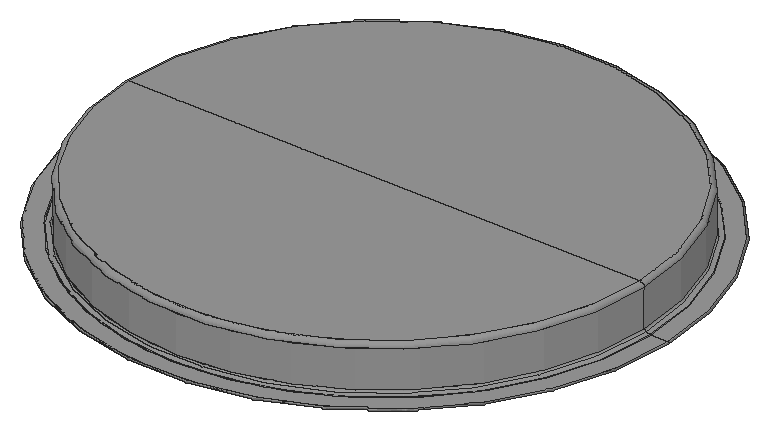
Revit family "MIA13_63_UN_Downlighter_ETK", category Lighting Fixtures, Revit 2017 (continued)
Definition of nested family "MIA.13 - Lightsource"
  Types (8, lengths in mm): name | Wattage | built-in parameter 1150134 | Photometric Web File | built-in parameter 1150142 | built-in parameter 1150105 | Lumens | built-in parameter 1150107 | built-in parameter 1150106
      6765 \r\n154.0902 148.9101 143.8315 138.9796 134.5183 130.0492 \r\n124.666 118.9624 113.2042 107.3834 101.5314 95.8903 90.9915 \r\n86.1005 80.9829 75.67 70.3414 64.966 59.575 54.1761 48.7694 \r\n43.3784 38.1358 33.4948 28.8538 24.1113 19.3062 14.6105 \r\n10.4461 6.6411 3.7425 2.8987 2.8362 2.7737 \r\n345.652 346.9724 346.7615 346.0974 344.9019 343.48 342.5268 \r\n342.2064 342.0111 341.9095 341.9408 341.972 340.9251 \r\n339.6828 338.0186 335.7997 333.2839 331.0337 329.3226 \r\n327.674 326.3927 325.502 324.5332 322.7283 320.6813 318.228 \r\n315.2434 312.0009 308.8601 305.9536 303.0471 300.6719 \r\n298.5389 296.3357 293.7495 290.9993 288.0381 284.7644 \r\n281.3267 277.6076 273.2479 268.8804 265.2082 261.7626 \r\n258.4733 255.4184 252.5041 249.1757 244.9879 240.6204 \r\n235.9637 230.8227 225.6895 221.1032 216.6966 212.5166 \r\n208.6726 205.0473 201.1642 196.3982 191.64 186.5146 \r\n181.1313 175.7481 170.6618 165.7083 160.8094 155.9809 \r\n151.1759 146.2614 140.972 135.6825 130.4321 125.1973 \r\n119.8844 114.2746 108.4772 102.7971 97.3826 92.0775 86.8896 \r\n82.0298 77.1779 71.8181 66.2317 60.661 55.2153 49.8789 \r\n44.5504 39.2531 33.9636 29.0882 24.6894 20.361 15.8684 \r\n11.2978 6.7193 2.133 0 0 0 \r\n345.652 344.9176 345.3629 345.9489 346.1286 345.8005 \r\n345.1988 344.23 342.5971 340.9876 339.6359 338.4874 \r\n337.4326 336.9873 336.7138 336.0966 335.0496 333.737 \r\n332.0416 329.5336 327.0255 324.2831 321.4626 318.9312 \r\n317.2748 316.0091 314.5011 312.626 310.5633 308.1256 \r\n304.977 301.8361 298.1014 294.1949 290.6399 287.7569 \r\n285.2567 282.7018 279.9984 277.2404 274.0761 270.3649 \r\n266.6536 262.6533 258.5749 254.4183 250.1602 245.8395 \r\n241.6986 238.1124 234.5261 230.8462 227.1115 223.244 \r\n218.6733 213.7667 208.7116 203.4143 198.0389 192.9057 \r\n188.4757 184.0534 179.8891 175.8497 171.5681 166.5208 \r\n160.9501 155.3168 149.5351 143.7612 138.3233 133.6354 \r\n128.9554 123.8612 118.5874 113.2042 107.6412 101.9533 \r\n96.3825 91.2649 86.1786 80.811 75.1543 69.4664 64.1066 \r\n58.9265 53.7229 48.4804 43.2299 38.0577 33.3229 28.5882 \r\n23.7284 18.7827 13.923 9.8133 6.2505 3.4846 2.5627 2.594 \r\n2.6252 \r\n345.652 346.4568 346.5193 346.488 346.1442 345.2848 \r\n344.1519 342.9018 341.4329 340.0188 339.1671 338.9874 \r\n338.7843 338.2374 337.5889 336.5732 335.034 333.2057 \r\n331.1977 328.7288 326.2521 324.0722 322.0408 320.1031 \r\n318.5327 317.1185 315.4778 313.462 311.2353 308.6647 \r\n305.2348 301.797 298.2811 294.7262 291.4681 288.9132 \r\n286.7958 284.4363 281.5845 278.5686 275.209 271.1852 \r\n267.1693 262.708 258.0827 253.7855 250.082 246.8005 \r\n243.4409 239.8312 236.2138 232.1041 227.5803 223.0096 \r\n218.5796 214.2199 209.6648 204.7582 199.6406 194.6558 \r\n190.2649 185.8661 181.6001 177.4045 173.0682 168.0444 \r\n162.5518 156.981 151.2384 145.4411 139.7765 134.5808 \r\n129.3851 124.4785 119.7359 114.8605 109.5945 103.9847 \r\n98.3202 92.4838 86.6005 81.1079 76.1544 71.2712 66.177 \r\n60.9657 55.7387 50.4727 45.1832 39.9641 35.3153 30.6743 \r\n25.838 20.8141 15.7903 11.4384 7.6022 3.7659 0 0 0 \r\n345.652 344.3941 343.5112 342.683 342.5346 342.9409 \r\n343.4409 343.6206 343.4018 343.0815 341.9017 340.4485 \r\n338.7765 336.6591 334.4324 332.8698 331.9322 331.0649 \r\n330.1195 329.0726 328.0334 326.0723 324.0409 321.6736 \r\n318.8999 315.9544 313.1104 310.3758 307.7506 305.5395 \r\n303.719 301.8283 299.1171 296.3044 293.2651 289.9914 \r\n286.5771 282.8893 278.7718 274.7402 271.3415 268.31 \r\n265.3098 262.4111 259.5437 256.1059 252.0353 247.6912 \r\n243.1206 238.1592 233.1979 229.1507 225.3223 221.4939 \r\n217.6108 213.7198 209.4773 204.766 199.9297 194.8824 \r\n189.5304 184.1785 179.4125 174.7637 170.0914 165.3879 \r\n160.661 155.7934 150.629 145.4723 140.4016 135.4246 \r\n130.3774 124.6113 118.6421 112.876 107.3756 102.0314 \r\n96.8904 92.2181 87.5459 82.233 76.6388 71.0134 65.4192 \r\n59.8484 54.3792 49.082 43.8941 38.9249 34.4558 29.9867 \r\n25.1113 20.0953 15.2746 10.9149 6.8521 3.8362 3.0393 2.6096 \r\n2.1799 \r\n345.652 343.1909 343.1362 343.4175 343.8941 344.4488 \r\n344.6363 344.2456 343.5503 342.5033 340.6047 338.6983 \r\n337.167 335.7762 334.6277 333.9792 333.6354 332.9557 \r\n331.5493 329.9555 327.9787 325.3379 322.7049 320.0719 \r\n317.4389 315.0559 313.1182 311.4775 309.7195 307.5553 \r\n305.391 302.8127 299.9062 296.9138 293.1948 289.1085 \r\n285.3504 282.1627 279.3187 276.4591 273.537 270.6227 \r\n267.3725 263.9269 260.2703 255.9575 251.1915 246.5896 \r\n242.3392 238.2452 234.3621 231.1118 227.8616 223.9237 \r\n219.6422 215.1106 210.1883 204.9301 199.7969 195.1168 \r\n190.5149 185.9833 181.5454 177.1232 172.3728 167.435 \r\n162.3486 156.981 151.379 145.8551 140.886 135.9169 130.7915 \r\n125.5332 120.2438 114.9777 109.7117 104.5316 99.5312 \r\n94.6246 89.6008 83.8034 77.9983 72.4353 67.0365 61.7939 \r\n56.981 52.5822 48.0506 42.9877 37.7451 32.5338 27.4162 \r\n22.3142 17.4936 12.8682 8.2897 3.7112 0 0 0 \r\n345.652 345.9255 345.8239 345.6676 345.1129 343.9878 \r\n342.5736 341.2767 340.2297 339.2531 338.7999 338.8624 \r\n338.8468 338.0498 337.0263 335.6903 333.948 331.9869 \r\n329.807 327.1506 324.4863 322.8143 321.5564 320.2985 \r\n318.8452 317.3139 315.3528 312.7588 309.8914 306.7271 \r\n302.9534 299.1796 296.281 293.6636 291.1946 288.9054 \r\n286.7255 284.1472 280.7485 277.1779 273.2479 268.7632 \r\n264.2785 260.4735 256.8873 253.4104 250.0977 246.8865 \r\n243.4565 239.2999 235.1356 230.8852 226.5646 222.1814 \r\n217.3607 212.3291 207.5162 203.094 198.9452 195.1715 \r\n192.7104 190.2571 187.8037 185.3426 180.6704 172.7869 \r\n163.2315 155.1449 149.9805 144.8238 139.8078 134.909 \r\n130.0102 125.1582 120.3219 115.1809 109.6258 103.8831 \r\n98.203 92.6791 87.1552 82.2408 77.592 72.8885 67.8491 \r\n62.6533 57.4029 52.0822 46.7458 41.4876 36.3935 31.2993 \r\n26.8068 22.533 18.3217 14.173 10.0555 6.7583 5.1801 3.8597 \r\n2.5393 \r\n345.652 345.8395 345.402 344.816 343.7925 342.5502 341.6048 \r\n341.1204 340.8782 340.6516 340.4641 340.2766 339.4718 \r\n338.3936 337.1045 335.3465 333.276 331.1821 329.057 326.963 \r\n325.2207 324.2597 323.2987 321.8689 320.2438 318.2983 \r\n315.7512 312.751 309.6414 306.1411 302.6174 299.8516 \r\n297.8592 295.9528 293.6323 291.1009 288.3038 285.0223 \r\n281.397 277.6467 273.287 268.9194 265.091 261.6298 258.278 \r\n255.059 251.9337 248.5897 244.7222 240.6047 236.4482 \r\n232.1197 227.7912 223.0956 218.1733 213.3135 208.8054 \r\n204.6332 200.4922 196.4997 192.5385 188.1788 183.1706 \r\n178.0764 172.6307 166.974 161.497 156.52 151.9962 147.449 \r\n142.6361 137.8155 132.7526 127.4396 122.0642 116.4857 \r\n110.7274 105.1488 100.0156 95.2184 90.4055 85.3739 80.3344 \r\n75.1856 69.9273 64.7004 59.8015 55.2465 50.6055 45.6129 \r\n40.4485 35.3856 30.6508 25.9552 21.6736 17.7123 13.8448 \r\n9.9773 6.1099 2.2424 0 \r\n345.652 342.644 342.5815 342.894 343.2456 343.6362 343.8862 \r\n343.6675 342.894 342.0267 340.4172 338.6436 336.9326 \r\n335.3543 333.8073 332.7291 332.0884 331.3696 330.2836 \r\n328.7991 327.3146 325.0332 322.7362 320.2125 317.4389 \r\n314.5715 312.0088 309.8133 307.6334 305.5551 303.5472 \r\n301.4689 298.9218 296.3122 293.1323 289.3976 285.4442 \r\n281.5532 277.7483 274.0527 271.1774 268.6929 265.9973 \r\n262.6455 259.1218 255.2699 251.0821 246.7302 242.1283 \r\n237.1513 232.1666 228.3772 224.7988 221.0954 217.1498 \r\n213.0948 208.7507 204.0003 199.2187 194.5074 189.8742 \r\n185.241 179.9906 174.6465 169.4976 164.63 159.9031 155.3168 \r\n150.9805 146.5818 141.6126 136.1825 130.7133 125.002 \r\n119.2124 113.6183 108.2506 103.0471 98.1249 93.7964 89.4601 \r\n84.3582 78.9905 73.6386 68.4428 63.3018 58.3796 53.762 \r\n49.2226 44.6285 39.9484 35.2606 30.6274 26.002 21.6111 \r\n17.6654 13.9855 10.579 7.7272 4.9457 2.1564 \r\n345.652 343.269 342.6518 342.2533 342.4096 342.9096 \r\n343.3081 343.3393 343.0268 342.5971 341.1517 339.6437 \r\n337.8936 335.8622 333.7683 332.5104 331.9244 331.2603 \r\n330.4086 329.4085 328.3069 326.0645 323.83 321.3298 \r\n318.6186 315.845 313.1573 310.5633 308.0944 306.1099 \r\n304.3597 302.4611 300.0781 297.6404 294.5308 290.8977 \r\n287.0927 283.1862 279.1702 275.2559 272.201 269.3492 \r\n266.4271 263.3956 260.3328 256.7076 252.5666 248.2616 \r\n243.6753 238.7843 233.9011 230.182 226.4943 222.7127 \r\n218.8296 214.884 210.618 205.9458 201.2657 196.5857 191.89 \r\n187.1396 181.9048 176.6154 171.5993 166.8568 162.1767 \r\n157.3326 152.2228 147.1443 142.2924 137.5342 132.5807 \r\n127.0177 121.2985 115.7981 110.5321 105.4223 100.5938 \r\n96.2106 91.8197 86.6318 81.2954 75.9825 70.7243 65.4973 \r\n60.6297 56.2466 51.8947 47.4334 42.8627 38.2921 33.737 \r\n29.1898 24.7519 20.4469 16.2044 11.9697 7.7272 3.4925 0 \r\n345.652 344.3628 344.5191 344.8629 344.7222 344.1206 \r\n343.269 342.0502 340.2844 338.628 337.7764 337.2842 336.831 \r\n336.4638 336.12 335.2606 333.862 332.2291 330.2992 327.9475 \r\n325.5957 323.1815 320.7594 318.6499 317.0716 315.7122 \r\n314.1574 312.3603 310.3992 307.8756 304.7113 301.5548 \r\n297.7811 293.9136 290.4446 287.4756 284.7644 282.1861 \r\n279.8422 277.4045 274.2089 270.4196 266.5443 262.122 \r\n257.5436 253.301 249.457 245.7926 242.1595 238.5733 \r\n234.9793 230.9165 226.7052 222.4549 218.1733 213.8761 \r\n209.2038 204.0003 198.7108 193.7417 189.3195 184.8973 \r\n180.3344 175.7325 171.0915 166.3958 161.6611 156.6294 \r\n150.9884 145.316 139.8469 134.6355 129.4164 124.8301 \r\n120.4391 115.759 110.6571 105.3051 99.9141 94.4293 88.9444 \r\n83.4987 78.0764 72.7791 68.2866 64.1769 59.8172 55.0668 \r\n50.1524 45.316 40.7297 36.1356 32.0025 28.0803 24.1816 \r\n20.2516 16.2903 12.4619 8.9226 5.4536 1.9923 \r\n345.652 346.3786 346.5661 346.7146 347.0193 347.3865 \r\n347.4412 346.9959 346.2614 345.2067 343.2299 341.2454 \r\n339.4718 337.7842 336.3388 335.5106 335.0809 334.3542 \r\n333.0026 331.4478 329.5336 326.8068 324.0878 321.072 \r\n317.9311 315.1652 313.1495 311.6806 310.0477 307.86 \r\n305.6333 302.8127 299.4218 295.945 292.2338 288.3975 \r\n284.7176 281.3423 278.1545 275.0059 272.0681 269.1304 \r\n265.5911 261.6611 257.6061 253.3948 249.0585 244.691 \r\n240.2453 235.784 231.4321 227.5334 223.6347 219.7125 \r\n215.7903 211.6337 206.8834 201.6017 196.3122 190.968 \r\n185.6161 180.7251 176.5529 172.4666 167.8256 162.8565 \r\n157.7389 152.4103 146.8865 141.3392 135.5887 129.8383 \r\n124.6738 120.1031 115.6575 110.8602 105.7739 100.7266 \r\n95.7653 90.8587 85.8739 80.186 74.4902 69.107 63.9581 \r\n58.9421 54.1917 49.7148 45.277 41.0188 36.8466 32.5807 \r\n28.0647 23.5175 19.3218 15.384 11.704 8.5632 6.0161 3.469 \r\n0.9219 \r\n345.652 348.9491 349.0663 348.7851 348.2381 347.1287 \r\n345.6754 344.3003 343.0815 341.9252 341.1595 341.0345 \r\n340.9173 340.1828 339.2374 337.9561 336.1513 333.987 \r\n331.7525 329.2601 326.7599 324.6972 322.9627 321.2673 \r\n319.5718 317.8686 315.9934 313.8292 311.454 308.8288 \r\n305.2035 301.5704 297.9452 294.6793 291.6478 288.7335 \r\n285.9598 283.3268 280.6 277.4904 274.2558 270.6696 266.3099 \r\n261.8564 257.4185 252.9963 248.7772 245.0895 241.972 \r\n238.7608 234.9246 230.9946 226.7521 222.0955 217.3373 \r\n212.1572 206.6099 201.2735 196.5622 192.4135 188.2569 \r\n183.7722 179.2874 174.4511 169.2867 164.0284 158.9577 \r\n154.098 149.121 143.6597 137.9014 132.2603 127.1037 \r\n122.0095 117.1967 112.626 108.0241 102.9768 97.3357 91.7181 \r\n86.2489 80.8344 75.4981 70.3414 65.2238 60.5047 56.1763 \r\n51.8634 47.3474 42.5893 37.8233 33.2526 28.7054 24.4316 \r\n20.5329 16.7904 13.1651 9.6961 6.227 2.7658 0 \r\n345.652 345.4411 345.9333 346.5193 346.8787 347.0506 \r\n347.0115 346.4411 345.2379 343.9566 342.1361 340.1672 \r\n338.4796 337.292 336.245 335.3387 334.5808 333.7058 \r\n332.4557 330.7837 329.1116 326.2442 323.3378 320.4625 \r\n317.6264 314.8215 312.4697 310.6805 308.8366 306.7974 \r\n304.5941 302.2736 298.9296 295.4684 291.6947 287.6084 \r\n283.5143 279.9828 277.3264 274.6308 271.6618 268.56 \r\n265.2629 261.3251 257.2076 252.7932 248.0663 243.3237 \r\n238.878 234.8855 230.893 227.0099 223.1346 219.0718 \r\n214.6418 210.0633 205.4457 200.7813 196.0466 191.0149 \r\n185.6317 180.2485 175.4356 170.7086 166.1067 161.6611 \r\n157.2779 152.5041 146.9959 141.4798 135.9091 130.2992 \r\n124.7051 119.3531 114.0636 109.0788 104.4847 99.9922 \r\n95.1793 89.6711 84.1628 78.6468 73.1229 67.7787 62.9815 \r\n58.4343 53.887 49.3398 44.7769 40.1438 35.3934 30.6352 \r\n26.3067 22.1111 18.0483 14.1808 10.4383 7.3053 5.4145 \r\n3.6565 1.8908 \r\n345.652 347.2615 347.7615 348.0897 347.699 346.9568 \r\n345.9411 344.4332 342.6674 341.1126 340.3703 339.6281 \r\n339.1827 338.8937 338.4952 337.4561 335.9716 334.2136 \r\n331.8306 329.221 326.6818 324.3691 322.0564 320.3532 \r\n318.9468 317.4467 315.5168 313.2432 310.8446 308.0397 \r\n305.1645 301.9064 298.1327 294.2964 291.1399 288.3819 \r\n285.6239 282.8033 279.9281 276.9982 273.6229 270.2477 \r\n266.2161 261.5986 256.8638 252.426 248.2225 244.2535 \r\n240.8782 237.8545 234.698 230.5571 226.4083 221.7595 \r\n216.7357 211.5634 206.2583 200.8126 195.6247 191.3821 \r\n187.499 183.405 178.8187 174.162 169.0913 163.7159 158.3405 \r\n153.1448 148.1522 143.1206 137.7529 132.3307 127.0724 \r\n122.0486 117.0873 112.2275 107.4615 102.5471 97.242 91.5462 \r\n85.8583 80.4594 75.0527 69.7789 64.6222 59.5437 54.7387 \r\n50.2539 45.7067 40.9173 35.9637 31.0259 26.1739 21.322 \r\n17.0873 13.4229 9.9617 6.4927 3.0315 0 0 \r\n345.652 346.7693 345.8473 344.6754 344.1831 344.0816 \r\n344.0503 344.1128 344.23 344.23 343.1987 342.1439 340.5344 \r\n338.4093 336.1669 334.1042 332.1822 330.4633 329.2367 \r\n328.3069 327.2834 325.5176 323.7597 321.6111 318.9155 \r\n316.0169 313.0401 309.9852 307.0084 304.3675 302.0783 \r\n299.7812 297.3748 294.9527 292.1009 288.7413 285.1395 \r\n281.4204 277.4904 273.5761 269.7789 266.0677 262.4189 \r\n259.028 255.7153 252.3557 248.9413 245.402 241.4095 236.581 \r\n231.7525 226.7208 221.6345 216.8841 212.9385 209.3445 \r\n205.391 200.9219 196.3044 191.5071 186.4364 181.3579 \r\n175.8262 170.193 164.841 159.9656 155.3559 150.6446 \r\n145.7379 140.8001 135.7059 130.4477 125.2051 120.2203 \r\n115.3059 110.1414 104.6097 98.8984 93.2807 87.8975 82.5143 \r\n77.5217 72.7088 67.8491 62.6768 57.356 52.1213 47.0271 \r\n41.9798 36.9169 31.8072 26.7052 22.2517 18.0405 14.0792 \r\n10.6336 7.5084 5.0707 4.0784 3.3596 2.6486 \r\n345.652 344.7222 344.7613 344.941 345.2535 345.6286 \r\n345.6676 345.191 344.4566 343.4487 341.7533 340.0578 \r\n338.2764 336.456 334.8934 333.948 333.401 332.6666 331.5728 \r\n330.3461 328.6741 326.1505 323.6268 320.611 317.4154 \r\n314.4699 312.0244 309.9227 307.8756 306.063 304.2503 \r\n301.7814 298.7343 295.5856 291.9525 288.085 284.3503 \r\n280.8344 277.467 274.1777 271.2399 268.3022 264.9738 \r\n261.411 257.7389 253.8636 249.8476 245.6129 240.8938 \r\n236.0106 231.3149 227.3303 223.3378 219.3062 215.259 \r\n211.1337 206.8365 202.383 197.742 192.4135 186.9365 \r\n181.5845 176.42 171.2712 166.8255 162.794 158.5514 153.762 \r\n148.5116 143.2221 137.6045 131.9712 126.5568 121.3376 \r\n116.1653 110.9071 105.5864 100.2578 94.9059 89.5304 84.1394 \r\n78.5999 73.0682 67.8256 62.8018 57.8248 52.6916 47.41 \r\n42.183 37.1201 32.1431 27.299 22.8299 18.4077 14.1417 \r\n10.0008 5.8833 1.7736 0 0 0 \r\n345.652 344.8238 345.2457 345.8317 346.0583 345.9098 \r\n345.527 344.7066 343.1987 341.6673 339.9719 338.1827 \r\n336.6513 336.0263 335.6512 334.9793 333.9792 332.7604 \r\n331.1274 328.8069 326.4864 323.7206 320.8688 318.2671 \r\n316.1888 314.3371 312.4541 310.5477 308.5788 306.3599 \r\n303.7894 301.2188 297.4373 293.4526 289.6242 286.0458 \r\n282.5924 279.3734 276.5841 273.787 270.8258 267.7319 \r\n264.5207 260.2625 255.6997 251.129 246.5427 242.0189 \r\n237.8701 234.5886 231.3149 227.4475 223.3456 219.064 \r\n214.2824 209.2742 204.3128 199.4218 194.5621 189.7414 \r\n185.0066 180.2719 175.5528 170.8415 165.9739 160.8173 \r\n155.4887 150.2617 145.2535 140.2453 135.0262 129.4867 \r\n123.9472 118.6343 113.3995 108.2272 103.1643 98.1639 \r\n92.9604 87.1162 81.272 75.545 69.9039 64.38 59.6062 55.1996 \r\n50.5508 45.4879 40.2141 34.9168 29.5336 24.1503 19.1109 \r\n14.2355 9.8523 6.8677 4.8363 3.3596 3.1252 3.2815 3.4378 \r\n345.652 345.8708 344.8082 343.8706 343.2768 342.8237 \r\n342.7455 343.1206 343.3393 342.9643 342.1283 341.1829 \r\n339.4406 337.5967 335.5653 333.3542 331.1821 329.6117 \r\n328.9319 328.1741 326.7755 325.0801 323.2284 320.9157 \r\n318.478 315.6418 312.3916 309.1413 306.3052 304.0863 \r\n301.8673 299.75 297.6561 295.1949 292.1009 288.7413 \r\n285.0535 280.936 276.8498 273.1542 269.9352 266.724 \r\n263.6065 260.5047 257.0982 253.2854 249.246 244.9019 \r\n239.9797 235.1043 2
      30.604 226.3927 222.2283 218.3452 \r\n214.5402 210.4461 206.0005 201.3829 196.7497 192.0853 \r\n187.4131 182.1705 176.7326 171.3806 166.3724 161.5126 \r\n156.8326 152.4103 147.9725 143.0659 137.2842 131.4946 \r\n125.6114 119.7047 113.8995 108.321 102.8674 97.617 92.7729 \r\n87.9366 82.8112 77.2717 71.7322 66.0911 60.411 54.9809 \r\n49.9492 45.152 40.2844 35.2059 30.1352 25.0801 20.0484 \r\n15.134 11.0477 7.3678 3.6878 0 0 0 0 \r\n345.652 347.0896 345.9958 344.5816 343.4253 342.6049 \r\n341.972 341.6517 341.8939 342.0658 341.6517 340.7532 \r\n339.7297 337.8467 335.7294 333.5495 331.2993 329.096 \r\n327.3224 326.4552 325.5879 324.1034 322.4002 320.4625 \r\n317.9076 315.0715 312.1025 308.9382 305.7895 302.9221 \r\n300.6016 298.2811 295.8591 293.4135 290.7962 287.8741 \r\n284.7801 281.2798 276.9357 272.5525 268.4975 264.8801 \r\n261.2626 257.8561 254.5121 251.0977 247.574 243.9566 \r\n240.0031 235.0496 230.1039 225.2129 220.361 215.634 \r\n211.7431 208.2428 204.3988 199.9687 195.234 190.3586 \r\n185.0379 179.7094 174.623 169.6304 164.6769 159.7859 \r\n154.9262 149.9961 144.9019 139.7453 134.448 128.8304 \r\n123.2206 117.7983 112.4619 107.0709 101.547 95.9137 90.3196 \r\n84.8348 79.3578 74.1777 69.2945 64.4503 59.1843 53.7073 \r\n48.2538 42.8393 37.4717 32.2291 27.6193 23.0096 18.3374 \r\n13.6183 9.1648 6.2505 4.4535 3.0862 2.7111 2.8049 2.8987 \r\n" | 157.56 (stored number, unit not read) | 1980 lm | 4000 (stored number, unit not read) | 1.5756 (stored number, unit not read)
